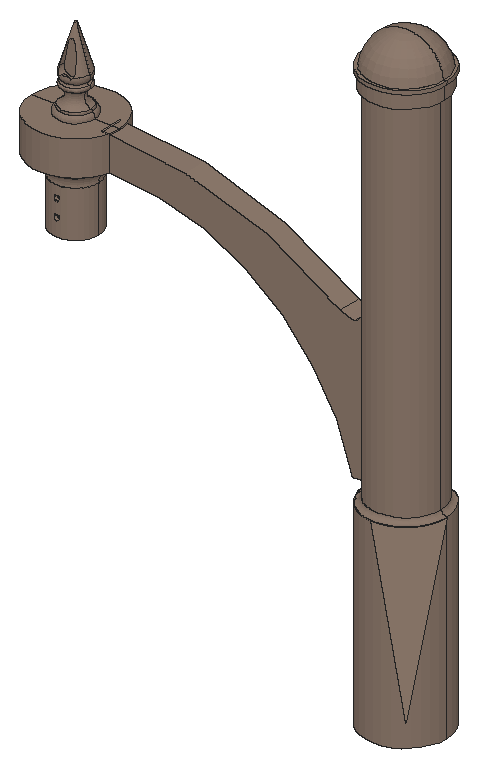
Revit family "PA515", category Generic Models, Revit 2014
Parameters
  TOP CAP = Bronze, Architectural
  TENON = Bronze, Architectural
  OUTLET = Bronze, Architectural
  FINIAL = Bronze, Architectural
  BODY = Bronze, Architectural
  ARM = Bronze, Architectural
Reference planes (in)
  plane 1 "Center (Front/Back)": y = 0
  plane 2: z = 0
  plane 3 "Center (Left/Right)": x = 0
  plane 4: y = 0.5
  plane 5: y = -0.5
Forms (in)
  Revolve 1, solid, material "Bronze, Architectural" <- "TENON"
    sketch origin (-0.00117, 0, 2.5) x (1, 0, 0) y (0, 0, 1)
      loop
        line (-0.00117, -2.5) -> (-0.00117, 6) -> (-1.7507, 6) -> (-1.7507, -2.5) -> (-0.00117, -2.5)
      axis (0, 6) -> (0, -2.5)
    angle from 0 to 360
  Revolve 2, solid, material "Bronze, Architectural" <- "TENON"
    sketch origin (-0.00117, 0, 2.5) x (1, 0, 0) y (0, 0, 1)
      loop
        arc (-1.50117, 6.21988) -> (-1.58441, 6.06281) -> (-1.7507, 6) r 0.25154
        line (-1.7507, 6) -> (0, 6) -> (0, 6.21988) -> (-1.50117, 6.21988)
      axis (0, 6) -> (0, 6.21988)
    angle from 0 to 360
  Revolve 3, solid, material "Bronze, Architectural" <- "BODY"
    sketch origin (-0.00117, 0, 2.5) x (1, 0, 0) y (0, 0, 1)
      loop
        line (0, 6.21988) -> (0, 22) -> (-1.50117, 22) -> (-1.50117, 6.21988) -> (0, 6.21988)
      axis (0, 22) -> (0, 6.21988)
    angle from 0 to 360
  Revolve 4, solid, material "Bronze, Architectural" <- "TOP CAP"
    sketch origin (-0.00117, 0, 3.05693) x (1, 0, 0) y (0, 0, 1)
      loop
        arc (0, 23.59375) -> (-1.07012, 23.19901) -> (-1.62617, 22.20312) r 1.64475
        line (-1.62617, 22.20312) -> (-1.76523, 22.20312) -> (-1.76523, 22.04687) -> (-1.66523, 22.04687) -> (-1.66523, 21.4375) -> (0, 21.4375) -> (0, 23.59375)
      axis (0, 23.59375) -> (0, 21.4375)
    angle from 0 to 360
  Revolve 5, solid, material "Bronze, Architectural" <- "ARM"
    sketch origin (0.09258, 0, 2.5) x (1, 0, 0) y (0, 0, 1)
      loop
        line (-14.25117, 16) -> (-16.12617, 16) -> (-16.12617, 14.5) -> (-14.25117, 14.5) -> (-14.25117, 16)
      axis (-14.25117, 16) -> (-14.25117, 14.5)
    angle from 0 to 360
  Revolve 6, solid, material "Bronze, Architectural" <- "OUTLET"
    sketch origin (0.09258, 0, 2.5) x (1, 0, 0) y (0, 0, 1)
      loop
        line (-15.62617, 14.5) -> (-15.50138, 14.12565) -> (-14.25117, 14.12565) -> (-14.25117, 14.5) -> (-15.62617, 14.5)
      axis (-14.25117, 14.5) -> (-14.25117, 14.12565)
    angle from 0 to 360
  Extrusion 7, solid, material "Bronze, Architectural" <- "ARM"
    sketch origin (0.09258, 0, 2.5) x (1, 0, 0) y (0, 0, 1)
      loop
        arc (-1.95146, 12.50721) -> (-2.24722, 12.58272) -> (-2.52356, 12.71239) r 1.61903
        arc (-2.52356, 12.71239) -> (-7.37622, 15.16744) -> (-12.75, 16.00297) r 17.3841
        line (-12.75, 16.00297) -> (-12.75, 14.5) -> (-12.20924, 14.5)
        arc (-12.20924, 14.5) -> (-5.74224, 12.31845) -> (-2.02413, 6.59508) r 10.38972
        arc (-2.02413, 6.59508) -> (-1.97987, 6.5266) -> (-1.90279, 6.5) r 0.12496
        line (-1.90279, 6.5) -> (-1.50078, 6.5) -> (-1.50078, 13.04431)
        arc (-1.50078, 13.04431) -> (-1.64826, 12.71043) -> (-1.95146, 12.50721) r 0.65539
    from -0.5 to 0.5
  Revolve 8, solid, material "Bronze, Architectural" <- "FINIAL"
    sketch origin (0.09258, 0, 2.5) x (1, 0, 0) y (0, 0, 1)
      loop
        arc (-14.93537, 16.25) -> (-15.03749, 16.14449) -> (-15.06367, 16) r 0.25257
        line (-15.06367, 16) -> (-14.25117, 16) -> (-14.25117, 19.5)
        arc (-14.25117, 19.5) -> (-14.27561, 19.49259) -> (-14.29163, 19.47271) r 0.04335
        line (-14.29163, 19.47271) -> (-14.85135, 17.62022)
        arc (-14.85135, 17.62022) -> (-14.85835, 17.46613) -> (-14.78178, 17.33222) r 0.27673
        arc (-14.78178, 17.33222) -> (-14.74859, 17.24747) -> (-14.81707, 17.18753) r 0.07915
        arc (-14.81707, 17.18753) -> (-14.87061, 17.11486) -> (-14.79708, 17.0625) r 0.06332
        arc (-14.79708, 17.0625) -> (-14.77375, 17.02326) -> (-14.73529, 16.99867) r 0.09892
        arc (-14.73529, 16.99867) -> (-14.63026, 16.60771) -> (-14.90654, 16.31182) r 0.41703
        arc (-14.90654, 16.31182) -> (-14.93147, 16.28581) -> (-14.93537, 16.25) r 0.0559
      axis (-14.25117, 16) -> (-14.25117, 19.5)
    angle from 0 to 360
  Extrusion 9, void
    sketch origin (0.09258, 0, 2.5) x (1, 0, 0) y (0, 0, 1)
      loop
        arc (-13.91201, 17.84306) -> (-14.04419, 18.56139) -> (-14.25117, 19.26183) r 6.93605
        arc (-14.25117, 19.26183) -> (-14.45815, 18.56139) -> (-14.59032, 17.84306) r 6.93605
        arc (-14.59032, 17.84306) -> (-14.52485, 17.55658) -> (-14.25117, 17.44955) r 0.31418
        arc (-14.25117, 17.44955) -> (-13.97748, 17.55658) -> (-13.91201, 17.84306) r 0.31418
    from -0.62198 to -0.19946
  Extrusion 10, void
    sketch origin (-28.41196, -0.84786, 2.5) x (-1, 0, 0) y (0, 0, 1)
      loop
        arc (-13.91201, 17.84306) -> (-14.04419, 18.56139) -> (-14.25117, 19.26183) r 6.93605
        arc (-14.25117, 19.26183) -> (-14.45815, 18.56139) -> (-14.59032, 17.84306) r 6.93605
        arc (-14.59032, 17.84306) -> (-14.52485, 17.55658) -> (-14.25117, 17.44955) r 0.31418
        arc (-14.25117, 17.44955) -> (-13.97748, 17.55658) -> (-13.91201, 17.84306) r 0.31418
    from 0.268 to 0.63789
  Revolve 11, solid, material "Bronze, Architectural" <- "OUTLET"
    sketch origin (0.09258, 0, 2.5) x (1, 0, 0) y (0, 0, 1)
      loop
        arc (-15.50138, 14.12565) -> (-15.29964, 13.91363) -> (-15.25117, 13.625) r 0.49988
        line (-15.25117, 13.625) -> (-14.25117, 13.625) -> (-14.25117, 14.12565) -> (-15.50138, 14.12565)
      axis (-14.25117, 14.12565) -> (-14.25117, 13.625)
    angle from 0 to 360
  Revolve 12, solid, material "Bronze, Architectural" <- "OUTLET"
    sketch origin (0.09258, 0, 2.5) x (1, 0, 0) y (0, 0, 1)
      loop
        line (-15.25117, 13.625) -> (-15.25117, 11.625) -> (-14.25117, 11.625) -> (-14.25117, 13.625) -> (-15.25117, 13.625)
      axis (-14.25117, 13.625) -> (-14.25117, 11.625)
    angle from 0 to 360
  Revolve 13, void
    sketch origin (0.09258, 0, 2.5) x (1, 0, 0) y (0, 0, 1)
      loop
        line (-15.12617, 11.625) -> (-14.25117, 11.625) -> (-14.25117, 15.8722) -> (-15.12617, 15.8722) -> (-15.12617, 11.625)
      axis (-14.25117, 11.625) -> (-14.25117, 15.8722)
    angle from 0 to 360
  Extrusion 14, void
    sketch origin (0.09258, 0, 2.5) x (1, 0, 0) y (0, 0, 1)
      loop
        circle (-14.25117, 12.375) r 0.125
      loop
        circle (-14.25117, 13.125) r 0.125
    from -1.37648 to 1.37574
Cuts and joins
  Extrusion 9, Extrusion 10, Revolve 13 cuts Revolve 8
  Revolve 13 cuts Revolve 5
  Revolve 13 cuts Revolve 6
  Revolve 13 cuts Revolve 11
  Revolve 13, Extrusion 14 cuts Revolve 12
Dimensions and locks (in)
  aligned and locked: plane 2 to level
